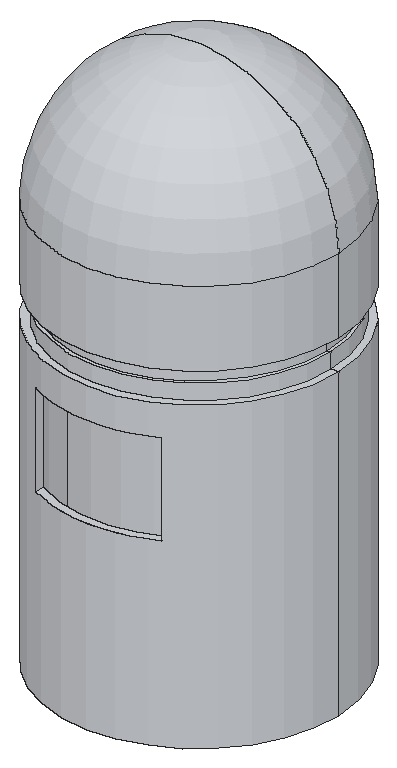
Revit family
Parameters (values of type "SBSP-028.5")
  Width = 2' - 0"
  URL = "www.strombergarchitectural.com"
  Top Material = GFRC
  Submittal Sheet = "www.strombergarchitectural.com/images/materials/gfrc/submittal/gfrc-submittal-sheet.pdf"
  Specifications = "www.strombergarchitectural.com/gfrcspecifications"
  Model Cut-sheet = "www.strombergarchitectural.com/products/bollards/design/SBSP-028"
  Model = "SBSP-028"
  Manufacturer = "Stromberg Architectural Products"
  Guidebook = "www.strombergarchitectural.com/images/materials/gfrc/handbooks/gfrc_guidebook.pdf"
  Frame Material = none
  Description = "GFRC Bollard"
  Assembly Code = ""
  Height = 4' - 0"
  XXX.5 = yes
  XXX.4 = no
  XXX.3 = no
  XXX.2 = no
  XXX.1 = no
Types (6): name | Width | Guidebook | Height | XXX.5 | XXX.4 | XXX.3 | XXX.2 | XXX.1
  (no name) | 2' - 0" | "www.strombergarchitectural.com/images/materials/gfrc/handbooks/gfrc_guidebook.pdf" | 4' - 0" | yes | no | no | no | no
  SBSP-028.3 | 1' - 6" | "www.strombergarchitectural.com/images/materials/gfrc/handbooks/gfrc_guidebook.pdf" | 3' - 0" | no | no | yes | no | no
  SBSP-028.1 | 1' - 0" | "www.strombergarchitectural.com/images/materials/gfrc/handbooks/gfrc_guidebook.pdf   \r\n(http://www.strombergarchitectural.com/images/materials/gfrc/handbooks/gfrc_guidebook.pdf" | 2' - 0" | no | no | no | no | yes
  SBSP-028.2 | 1' - 3" | "www.strombergarchitectural.com/images/materials/gfrc/handbooks/gfrc_guidebook.pdf" | 2' - 6" | no | no | no | yes | no
  SBSP-028.4 | 1' - 9" | "www.strombergarchitectural.com/images/materials/gfrc/handbooks/gfrc_guidebook.pdf" | 3' - 6" | no | yes | no | no | no
  SBSP-028.5 | 2' - 0" | "www.strombergarchitectural.com/images/materials/gfrc/handbooks/gfrc_guidebook.pdf" | 4' - 0" | yes | no | no | no | no
Reference planes (in)
  plane 1 "Center (Front/Back)": y = 3.74847
  plane 2: z = 0
  plane 3 "Center (Left/Right)": x = 0.7278
  plane 4 "Front": y = -27.25153
  plane 5 "Back": y = 34.74847
  plane 6 "Left": x = -17.2722
  plane 7 "Right": x = 18.7278
  plane 8: z = 47.99939
  plane 9: z = 35.99939
  plane 10: z = 24
  plane 11: z = 16
  plane 12: y = 15.87012
  plane 13: y = 15.20346
  plane 14: x = -4.72719
  plane 15: x = 6.18279
Forms (in)
  Revolve 1, solid, visible <- "XXX.1"
    sketch origin (0, 3.74847, 0) x (1, 0, 0) y (0, 0, 1)
      loop
        arc (0.7278, 24) -> (-3.51484, 22.24264) -> (-5.2722, 18) r 6
        line (-5.2722, 18) -> (-5.2722, 14.66667) -> (-4.7722, 14.66667) -> (-4.7722, 14) -> (-4.93887, 14) -> (-4.93887, 13.33333) -> (-5.2722, 13.33333) -> (-5.2722, 0) -> (-3.93887, 0) -> (-3.93887, 0.33333) -> (-4.93887, 0.33333) -> (-4.93887, 13) -> (0.7278, 13) -> (0.7278, 24)
      axis (0.7278, 24) -> (0.7278, 0)
    angle from 0 to 360
  Extrusion 2, void
    sketch origin (3.39447, -48, 8) x (-1, 0, 0) y (0, -1, 0)
      loop
        arc (0, -57.12331) -> (2.66667, -57.74847) -> (5.33333, -57.12331) r 6
        line (5.33333, -57.12331) -> (5.33333, -56.74847)
        arc (5.33333, -56.74847) -> (2.66667, -57.41513) -> (0, -56.74847) r 5.66667
        line (0, -56.74847) -> (0, -57.12331)
    from 0 to 4
  Extrusion 3, void
    sketch origin (3.39447, 55.49694, 8) x (-1, 0, 0) y (0, -1, 0)
      loop
        line (0, 57.12331) -> (0, 56.74847)
        arc (0, 56.74847) -> (2.66667, 57.41513) -> (5.33333, 56.74847) r 5.66667
        line (5.33333, 56.74847) -> (5.33333, 57.12331)
        arc (5.33333, 57.12331) -> (2.66667, 57.74847) -> (0, 57.12331) r 6
    from 0 to 4
  Revolve 4, solid, visible <- "XXX.2"
    sketch origin (0, 3.74847, 0) x (1, 0, 0) y (0, 0, 1)
      loop
        arc (0.7278, 29.99999) -> (-4.5755, 27.80329) -> (-6.7722, 22.49999) r 7.5
        line (-6.7722, 22.49999) -> (-6.7722, 18.33333) -> (-6.1472, 18.33333) -> (-6.1472, 17.49999) -> (-6.35553, 17.49999) -> (-6.35553, 16.66666) -> (-6.7722, 16.66666) -> (-6.7722, 0) -> (-5.10553, 0) -> (-5.10553, 0.41667) -> (-6.35553, 0.41667) -> (-6.35553, 16.24999) -> (0.7278, 16.24999) -> (0.7278, 29.99999)
      axis (0.7278, 29.99999) -> (0.7278, 0)
    angle from 0 to 360
  Extrusion 5, void
    sketch origin (0, 0, 0) x (1, 0, 0) y (0, 1, 0)
      loop
        arc (4.06113, 10.46702) -> (0.7278, 11.24847) -> (-2.60553, 10.46702) r 7.5
        line (-2.60553, 10.46702) -> (-2.60553, 9.99846)
        arc (-2.60553, 9.99846) -> (0.7278, 10.8318) -> (4.06113, 9.99846) r 7.08333
        line (4.06113, 9.99846) -> (4.06113, 10.46702)
    from 10 to 14.99999
  Extrusion 6, void
    sketch origin (0, 7.49694, 0) x (1, 0, 0) y (0, 1, 0)
      loop
        line (4.06113, -10.46702) -> (4.06113, -9.99846)
        arc (4.06113, -9.99846) -> (0.7278, -10.8318) -> (-2.60553, -9.99846) r 7.08333
        line (-2.60553, -9.99846) -> (-2.60553, -10.46702)
        arc (-2.60553, -10.46702) -> (0.7278, -11.24847) -> (4.06113, -10.46702) r 7.5
    from 10 to 14.99999
  Revolve 7, solid, visible <- "XXX.3"
    sketch origin (0, 3.74847, 0) x (1, 0, 0) y (0, 0, 1)
      loop
        arc (0.7278, 36) -> (-5.63616, 33.36396) -> (-8.2722, 27) r 9
        line (-8.2722, 27) -> (-8.2722, 22) -> (-7.48844, 22) -> (-7.48844, 21) -> (-7.73844, 21) -> (-7.73844, 20) -> (-8.23844, 20) -> (-8.23844, 0) -> (-6.23844, 0) -> (-6.23844, 0.5) -> (-7.73844, 0.5) -> (-7.73844, 19.5) -> (0.7278, 19.5) -> (0.7278, 36)
      axis (0.7278, 36) -> (0.7278, 0)
    angle from 0 to 360
  Extrusion 8, void
    sketch origin (0, 0, 0) x (1, 0, 0) y (0, 1, 0)
      loop
        arc (4.76156, 11.75611) -> (0.76156, 12.79597) -> (-3.23844, 11.75611) r 8.21325
        line (-3.23844, 11.75611) -> (-3.23844, 10.50611)
        arc (-3.23844, 10.50611) -> (0.76156, 11.66817) -> (4.76156, 10.50611) r 7.46532
        line (4.76156, 10.50611) -> (4.76156, 11.75611)
    from 12 to 18
  Extrusion 9, void
    sketch origin (0, 7.49694, 0) x (1, 0, 0) y (0, 1, 0)
      loop
        line (4.76156, -11.75611) -> (4.76156, -10.50611)
        arc (4.76156, -10.50611) -> (0.76156, -11.66817) -> (-3.23844, -10.50611) r 7.46532
        line (-3.23844, -10.50611) -> (-3.23844, -11.75611)
        arc (-3.23844, -11.75611) -> (0.76156, -12.79597) -> (4.76156, -11.75611) r 8.21325
    from 12 to 18
  Revolve 10, solid, visible <- "XXX.4"
    sketch origin (0, 3.74847, 0) x (1, 0, 0) y (0, 0, 1)
      loop
        arc (0.7278, 42) -> (-6.69682, 38.92462) -> (-9.7722, 31.5) r 10.5
        line (-9.7722, 31.5) -> (-9.7722, 25.66667) -> (-8.8972, 25.66667) -> (-8.8972, 24.5) -> (-9.18887, 24.5) -> (-9.18887, 23.33333) -> (-9.7722, 23.33333) -> (-9.7722, 0) -> (-7.43887, 0) -> (-7.43887, 0.58333) -> (-9.18887, 0.58333) -> (-9.18887, 22.75) -> (0.7278, 22.75) -> (0.7278, 42)
      axis (0.7278, 42) -> (0.7278, 0)
    angle from 0 to 360
  Extrusion 11, void
    sketch origin (0, 0, 0) x (1, 0, 0) y (0, 1, 0)
      loop
        arc (5.39447, 13.15444) -> (0.7278, 14.24847) -> (-3.93887, 13.15444) r 10.5
        line (-3.93887, 13.15444) -> (-3.93887, 11.90444)
        arc (-3.93887, 11.90444) -> (0.7278, 13.10821) -> (5.39447, 11.90444) r 9.64749
        line (5.39447, 11.90444) -> (5.39447, 13.15444)
    from 14 to 21
  Extrusion 12, void
    sketch origin (0, 7.49694, 0) x (1, 0, 0) y (0, 1, 0)
      loop
        line (5.39447, -13.15444) -> (5.39447, -11.90444)
        arc (5.39447, -11.90444) -> (0.7278, -13.10821) -> (-3.93887, -11.90444) r 9.64749
        line (-3.93887, -11.90444) -> (-3.93887, -13.15444)
        arc (-3.93887, -13.15444) -> (0.7278, -14.24847) -> (5.39447, -13.15444) r 10.5
    from 14 to 21
  Revolve 13, solid, visible <- "XXX.5"
    sketch origin (0, 3.74847, 0) x (1, 0, 0) y (0, 0, 1)
      loop
        arc (0.7278, 47.99939) -> (-7.84351, 44.44904) -> (-11.39386, 35.87773) r 12.12166
        line (-11.39386, 35.87773) -> (-11.39386, 29.33333) -> (-10.39386, 29.33333) -> (-10.39386, 28) -> (-10.72719, 28) -> (-10.72719, 26.66667) -> (-11.39386, 26.66667) -> (-11.39386, 0) -> (-8.72719, 0) -> (-8.72719, 0.66667) -> (-10.72719, 0.66667) -> (-10.72719, 26) -> (0.7278, 26) -> (0.7278, 47.99939)
      axis (0.7278, 47.99939) -> (0.7278, 0)
    angle from 0 to 360
  Extrusion 14, void
    sketch origin (0, 0, 0) x (1, 0, 0) y (0, 1, 0)
      loop
        arc (6.18279, 14.57333) -> (0.7278, 15.87012) -> (-4.72719, 14.57333) r 12.12166
        line (-4.72719, 14.57333) -> (-4.72719, 13.07333)
        arc (-4.72719, 13.07333) -> (0.7278, 14.51297) -> (6.18279, 13.07333) r 11.05464
        line (6.18279, 13.07333) -> (6.18279, 14.57333)
    from 16 to 24
  Extrusion 15, void
    sketch origin (0, 7.49694, 0) x (1, 0, 0) y (0, 1, 0)
      loop
        line (6.18279, -14.57333) -> (6.18279, -13.07333)
        arc (6.18279, -13.07333) -> (0.7278, -14.51297) -> (-4.72719, -13.07333) r 11.05464
        line (-4.72719, -13.07333) -> (-4.72719, -14.57333)
        arc (-4.72719, -14.57333) -> (0.7278, -15.87012) -> (6.18279, -14.57333) r 12.12166
    from 16 to 24
Cuts and joins
  Extrusion 2, Extrusion 3 cuts Revolve 1
  Extrusion 5, Extrusion 6, Extrusion 8, Extrusion 9 cuts Revolve 4
  Extrusion 8, Extrusion 9, Extrusion 11, Extrusion 12 cuts Revolve 7
  Extrusion 11, Extrusion 12, Extrusion 14, Extrusion 15 cuts Revolve 10
  Extrusion 14, Extrusion 15 cuts Revolve 13
Dimensions and locks (in)
  aligned and locked: level to plane 2
